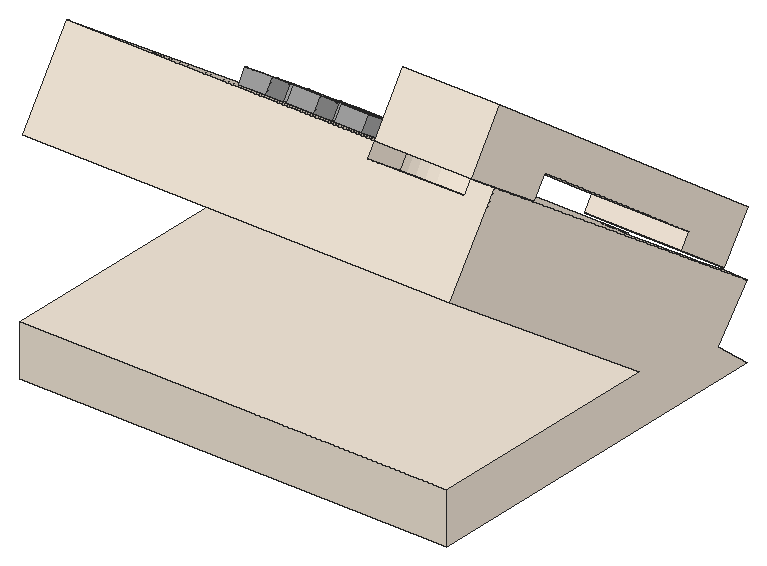
Revit family
Parameters
  Keynote = "N"
  Assembly Code = "D5030300"
Reference planes
  plane 1 "Center F/B": y = 158.496
  plane 2: z = 0
  plane 3 "Center L/R": x = -247.381
Forms (mm)
  Extrusion 1, solid, material "Plastic - White"
    sketch origin (-247.381, 0, 0) x (0, 1, 0) y (0, 0, 1)
      loop
        line (113.146, 0) -> (310.896, 0) -> (291.439, 16.327) -> (310.896, 39.515) -> (144.445, 156.066) -> (115.307, 114.453) -> (240.146, 27.04) -> (113.146, 27.04) -> (113.146, 0)
    from -112.713 to 112.713
  Extrusion 2, solid, material "Plastic - Gray,Dark"
    sketch origin (-134.1, 373.316, -4.191) x (-1, 0, 0) y (0, -0.819152, 0.573576)
      loop
        line (121.002, 127.545) -> (121.002, 113.152) -> (135.289, 113.152) -> (135.289, 127.545) -> (121.002, 127.545)
      loop
        line (146.402, 127.545) -> (146.402, 113.152) -> (160.689, 113.152) -> (160.689, 127.545) -> (146.402, 127.545)
      loop
        line (171.802, 127.545) -> (171.802, 113.152) -> (186.089, 113.152) -> (186.089, 127.545) -> (171.802, 127.545)
      loop
        line (121.002, 152.545) -> (121.002, 138.152) -> (135.289, 138.152) -> (135.289, 152.545) -> (121.002, 152.545)
      loop
        line (146.402, 152.545) -> (146.402, 138.152) -> (160.689, 138.152) -> (160.689, 152.545) -> (146.402, 152.545)
      loop
        line (171.802, 152.545) -> (171.802, 138.152) -> (186.089, 138.152) -> (186.089, 152.545) -> (171.802, 152.545)
      loop
        line (121.002, 177.545) -> (121.002, 163.152) -> (135.289, 163.152) -> (135.289, 177.545) -> (121.002, 177.545)
      loop
        line (146.402, 177.545) -> (146.402, 163.152) -> (160.689, 163.152) -> (160.689, 177.545) -> (146.402, 177.545)
      loop
        line (171.802, 177.545) -> (171.802, 163.152) -> (186.089, 163.152) -> (186.089, 177.545) -> (171.802, 177.545)
      loop
        line (121.002, 202.545) -> (121.002, 188.152) -> (135.289, 188.152) -> (135.289, 202.545) -> (121.002, 202.545)
      loop
        line (146.402, 202.545) -> (146.402, 188.152) -> (160.689, 188.152) -> (160.689, 202.545) -> (146.402, 202.545)
      loop
        line (171.802, 202.545) -> (171.802, 188.152) -> (186.089, 188.152) -> (186.089, 202.545) -> (171.802, 202.545)
    from 0 to 7.937
  Extrusion 3, void
    sketch origin (-134.669, 310.896, 39.515) x (-1, 0, 0) y (0, -0.819152, 0.573576)
      loop
        line (90.945, 179.516) -> (90.945, 154.116) -> (195.596, 154.116) -> (195.596, 179.516) -> (90.945, 179.516)
    from 0 to -7.938
  Extrusion 4, void
    sketch origin (-134.669, 310.896, 39.515) x (-1, 0, 0) y (0, -0.819152, 0.573576)
      loop
        line (12.275, 203.2) -> (12.275, 177.8)
        arc (12.275, 177.8) -> (37.675, 152.4) -> (63.075, 177.8) r 25.4
        line (63.075, 177.8) -> (63.075, 203.2) -> (12.275, 203.2)
    from 0 to -7.938
  Extrusion 5, void
    sketch origin (-134.669, 310.896, 39.515) x (-1, 0, 0) y (0, -0.819152, 0.573576)
      loop
        line (12.275, -2.565) -> (63.075, -2.565) -> (63.075, 19.05)
        arc (63.075, 19.05) -> (37.675, 37.57) -> (12.275, 19.05) r 26.678
        line (12.275, 19.05) -> (12.275, -2.565)
    from -7.938 to 0
  Extrusion 6, solid, material "Plastic - White"
    sketch origin (-247.381, 0.11, -2.387) x (0, 1, 0) y (0, 0, 1)
      loop
        line (185.405, 129.695) -> (192.686, 140.092) -> (287.552, 70.458) -> (282.532, 63.62) -> (310.313, 43.229) -> (326.301, 65.01) -> (162.889, 184.953) -> (144.334, 158.454) -> (185.405, 129.695)
    from 49.638 to 100.806
Cuts and joins
  Extrusion 3, Extrusion 4, Extrusion 5 cuts Extrusion 1
Lines and regions (mm)
  Masking region 1
    outline origin (0, 0, 0) x (1, 0, 0) y (0, 1, 0)
      loop
        line (-360.094, 310.896) -> (-360.094, 113.146) -> (-134.669, 113.146) -> (-134.669, 310.896) -> (-146.575, 310.896) -> (-146.575, 326.411) -> (-197.743, 326.411) -> (-197.743, 310.896) -> (-360.094, 310.896)
  symbolic lines
    curve 1: line (-360.094, 310.896, 0) -> (-360.094, 113.146, 0)
    curve 2: line (-360.094, 310.896, 0) -> (-197.743, 310.896, 0)
    curve 3: line (-146.943, 310.896, 0) -> (-134.669, 310.896, 0)
    curve 4: line (-134.669, 113.146, 0) -> (-134.669, 310.896, 0)
    curve 5: line (-360.094, 113.146, 0) -> (-134.669, 113.146, 0)
    curve 6: line (-360.094, 144.445, 0) -> (-197.743, 144.445, 0)
    curve 7: line (-146.943, 144.445, 0) -> (-134.669, 144.445, 0)
    curve 8: line (-146.943, 139.892, 0) -> (-197.743, 139.892, 0)
    curve 9: line (-197.743, 165.251, 0) -> (-197.743, 139.892, 0)
    curve 10: line (-146.943, 139.892, 0) -> (-146.943, 165.251, 0)
    curve 11: line (-197.743, 326.411, 0) -> (-197.743, 144.445, 0)
    curve 12: line (-146.575, 144.445, 0) -> (-146.575, 326.411, 0)
    curve 13: line (-146.575, 326.411, 0) -> (-197.743, 326.411, 0)
  symbolic lines, detail levels fine
    curve 14: line (-305.902, 285.18, 0) -> (-320.189, 285.18, 0)
    curve 15: line (-320.189, 285.18, 0) -> (-320.189, 273.39, 0)
    curve 16: line (-320.189, 273.39, 0) -> (-305.902, 273.39, 0)
    curve 17: line (-305.902, 273.39, 0) -> (-305.902, 285.18, 0)
    curve 18: line (-294.789, 273.39, 0) -> (-280.502, 273.39, 0)
    curve 19: line (-280.502, 273.39, 0) -> (-280.502, 285.18, 0)
    curve 20: line (-280.502, 285.18, 0) -> (-294.789, 285.18, 0)
    curve 21: line (-294.789, 285.18, 0) -> (-294.789, 273.39, 0)
    curve 22: line (-269.389, 285.18, 0) -> (-269.389, 273.39, 0)
    curve 23: line (-269.389, 273.39, 0) -> (-255.102, 273.39, 0)
    curve 24: line (-255.102, 273.39, 0) -> (-255.102, 285.18, 0)
    curve 25: line (-255.102, 285.18, 0) -> (-269.389, 285.18, 0)
    curve 26: line (-320.189, 264.701, 0) -> (-320.189, 252.911, 0)
    curve 27: line (-320.189, 252.911, 0) -> (-305.902, 252.911, 0)
    curve 28: line (-305.902, 252.911, 0) -> (-305.902, 264.701, 0)
    curve 29: line (-305.902, 264.701, 0) -> (-320.189, 264.701, 0)
    curve 30: line (-294.789, 264.701, 0) -> (-294.789, 252.911, 0)
    curve 31: line (-294.789, 252.911, 0) -> (-280.502, 252.911, 0)
    curve 32: line (-280.502, 252.911, 0) -> (-280.502, 264.701, 0)
    curve 33: line (-280.502, 264.701, 0) -> (-294.789, 264.701, 0)
    curve 34: line (-269.389, 264.701, 0) -> (-269.389, 252.911, 0)
    curve 35: line (-269.389, 252.911, 0) -> (-255.102, 252.911, 0)
    curve 36: line (-255.102, 252.911, 0) -> (-255.102, 264.701, 0)
    curve 37: line (-255.102, 264.701, 0) -> (-269.389, 264.701, 0)
    curve 38: line (-320.189, 244.222, 0) -> (-320.189, 232.432, 0)
    curve 39: line (-320.189, 232.432, 0) -> (-305.902, 232.432, 0)
    curve 40: line (-305.902, 232.432, 0) -> (-305.902, 244.222, 0)
    curve 41: line (-305.902, 244.222, 0) -> (-320.189, 244.222, 0)
    curve 42: line (-294.789, 244.222, 0) -> (-294.789, 232.432, 0)
    curve 43: line (-294.789, 232.432, 0) -> (-280.502, 232.432, 0)
    curve 44: line (-280.502, 232.432, 0) -> (-280.502, 244.222, 0)
    curve 45: line (-280.502, 244.222, 0) -> (-294.789, 244.222, 0)
    curve 46: line (-269.389, 232.432, 0) -> (-255.102, 232.432, 0)
    curve 47: line (-255.102, 232.432, 0) -> (-255.102, 244.222, 0)
    curve 48: line (-255.102, 244.222, 0) -> (-269.389, 244.222, 0)
    curve 49: line (-269.389, 244.222, 0) -> (-269.389, 232.432, 0)
    curve 50: line (-320.189, 223.743, 0) -> (-320.189, 211.953, 0)
    curve 51: line (-320.189, 211.953, 0) -> (-305.902, 211.953, 0)
    curve 52: line (-305.902, 211.953, 0) -> (-305.902, 223.743, 0)
    curve 53: line (-305.902, 223.743, 0) -> (-320.189, 223.743, 0)
    curve 54: line (-294.789, 223.743, 0) -> (-294.789, 211.953, 0)
    curve 55: line (-294.789, 211.953, 0) -> (-280.502, 211.953, 0)
    curve 56: line (-280.502, 211.953, 0) -> (-280.502, 223.743, 0)
    curve 57: line (-280.502, 223.743, 0) -> (-294.789, 223.743, 0)
    curve 58: line (-269.389, 223.743, 0) -> (-269.389, 211.953, 0)
    curve 59: line (-269.389, 211.953, 0) -> (-255.102, 211.953, 0)
    curve 60: line (-255.102, 211.953, 0) -> (-255.102, 223.743, 0)
    curve 61: line (-255.102, 223.743, 0) -> (-269.389, 223.743, 0)
    curve 62: line (-330.265, 163.845, 0) -> (-330.265, 184.652, 0)
    curve 63: line (-330.265, 184.652, 0) -> (-225.614, 184.652, 0)
    curve 64: line (-225.614, 184.652, 0) -> (-225.614, 163.845, 0)
    curve 65: line (-225.614, 163.845, 0) -> (-330.265, 163.845, 0)
Dimensions and locks
  aligned and locked: curve 1 to cut or joined group of Extrusion 1, Extrusion 3, Extrusion 4, Extrusion 5
  aligned and locked: curve 2 to cut or joined group of Extrusion 1, Extrusion 3, Extrusion 4, Extrusion 5
  aligned and locked: curve 3 to cut or joined group of Extrusion 1, Extrusion 3, Extrusion 4, Extrusion 5
  aligned and locked: curve 4 to cut or joined group of Extrusion 1, Extrusion 3, Extrusion 4, Extrusion 5
  aligned and locked: curve 5 to cut or joined group of Extrusion 1, Extrusion 3, Extrusion 4, Extrusion 5
  aligned and locked: curve 6 to cut or joined group of Extrusion 1, Extrusion 3, Extrusion 4, Extrusion 5
  aligned and locked: curve 7 to cut or joined group of Extrusion 1, Extrusion 3, Extrusion 4, Extrusion 5
  aligned and locked: curve 8 to cut or joined group of Extrusion 1, Extrusion 3, Extrusion 4, Extrusion 5
  aligned and locked: curve 9 to cut or joined group of Extrusion 1, Extrusion 3, Extrusion 4, Extrusion 5
  aligned and locked: curve 10 to cut or joined group of Extrusion 1, Extrusion 3, Extrusion 4, Extrusion 5
  aligned and locked: curve 11 to Extrusion 6
  aligned and locked: curve 12 to Extrusion 6
  aligned and locked: curve 13 to Extrusion 6
  aligned and locked: curve 14 to Extrusion 2
  aligned and locked: curve 15 to Extrusion 2
  aligned and locked: curve 16 to Extrusion 2
  aligned and locked: Extrusion 2 to curve 17
  aligned and locked: curve 18 to Extrusion 2
  aligned and locked: Extrusion 2 to curve 19
  aligned and locked: curve 20 to Extrusion 2
  aligned and locked: curve 21 to Extrusion 2
  aligned and locked: curve 22 to Extrusion 2
  aligned and locked: curve 23 to Extrusion 2
  aligned and locked: Extrusion 2 to curve 24
  aligned and locked: curve 25 to Extrusion 2
  aligned and locked: curve 26 to Extrusion 2
  aligned and locked: curve 27 to Extrusion 2
  aligned and locked: Extrusion 2 to curve 28
  aligned and locked: curve 29 to Extrusion 2
  aligned and locked: curve 30 to Extrusion 2
  aligned and locked: curve 31 to Extrusion 2
  aligned and locked: Extrusion 2 to curve 32
  aligned and locked: curve 33 to Extrusion 2
  aligned and locked: curve 34 to Extrusion 2
  aligned and locked: curve 35 to Extrusion 2
  aligned and locked: Extrusion 2 to curve 36
  aligned and locked: curve 37 to Extrusion 2
  aligned and locked: curve 38 to Extrusion 2
  aligned and locked: curve 39 to Extrusion 2
  aligned and locked: Extrusion 2 to curve 40
  aligned and locked: curve 41 to Extrusion 2
  aligned and locked: curve 42 to Extrusion 2
  aligned and locked: curve 43 to Extrusion 2
  aligned and locked: Extrusion 2 to curve 44
  aligned and locked: curve 45 to Extrusion 2
  aligned and locked: curve 46 to Extrusion 2
  aligned and locked: Extrusion 2 to curve 47
  aligned and locked: curve 48 to Extrusion 2
  aligned and locked: curve 49 to Extrusion 2
  aligned and locked: curve 50 to Extrusion 2
  aligned and locked: curve 51 to Extrusion 2
  aligned and locked: Extrusion 2 to curve 52
  aligned and locked: curve 53 to Extrusion 2
  aligned and locked: curve 54 to Extrusion 2
  aligned and locked: curve 55 to Extrusion 2
  aligned and locked: Extrusion 2 to curve 56
  aligned and locked: curve 57 to Extrusion 2
  aligned and locked: curve 58 to Extrusion 2
  aligned and locked: curve 59 to Extrusion 2
  aligned and locked: Extrusion 2 to curve 60
  aligned and locked: curve 61 to Extrusion 2
  aligned and locked: curve 62 to cut or joined group of Extrusion 1, Extrusion 3, Extrusion 4, Extrusion 5
  aligned and locked: curve 63 to cut or joined group of Extrusion 1, Extrusion 3, Extrusion 4, Extrusion 5
  aligned and locked: curve 64 to cut or joined group of Extrusion 1, Extrusion 3, Extrusion 4, Extrusion 5
  aligned and locked: curve 65 to cut or joined group of Extrusion 1, Extrusion 3, Extrusion 4, Extrusion 5
  aligned and locked: Masking region 1 sketch curve to curve 2
  aligned and locked: Masking region 1 sketch curve to cut or joined group of Extrusion 1, Extrusion 3, Extrusion 4, Extrusion 5  (x3)
  aligned and locked: curve 3 to Masking region 1 sketch curve
  aligned and locked: Extrusion 6 to Masking region 1 sketch curve
  aligned and locked: Masking region 1 sketch curve to Extrusion 6
  aligned and locked: Masking region 1 sketch curve to curve 13
